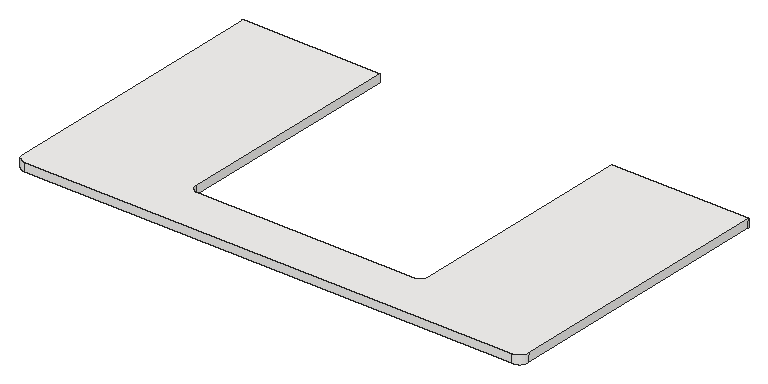
Revit family "console with cutout for countertop basin ground", category Furniture, Revit 2019
Family settings
  OmniClass Number = 23.19.31.17.11
  Work Plane-Based = No
  Always vertical = No
  Cut with Voids When Loaded = No
  Shared = Yes
  Room Calculation Point = No
Parameters (values of type "Console 980_550 with cutout in the middle for countertop basin ground 500_480-54095050-GLOSSY_WHITE-400")
  WEIGHT = "11"
  UNSPSC = "56 | Furniture and Furnishings"
  UNIFORMATII = "E2010 | Fixed Furnishings"
  UNICLASS2015 = "Pr_40_20_76_94 | Vanity units"
  SURFACE = "GLOSSY_WHITE"
  SPECIFICATION = "Surfaces:    - 54095050 High Gloss White  - 54095910 Diamond Matt Grey  - 54095230 Natural Oak  - 54095630 Dark Walnut      Specification:"
  REGIONSET = "Worldwide"
  PRODUCTURL = "https://pro.hansgrohe.com/articledetail--54095050"
  PRODUCTGROUP = "console"
  PRODUCTFAMILY = "Xelu Q"
  PERMALINK = "54095XXX"
  OMNICLASS = "23-19 31 17 11 | Bathroom Units"
  OBJECTTYPE = "Object (single object)"
  NN = "Console with cutout for countertop basin ground"
  NBSYN = "$BASENUMBER.-$ARTNR.-$SURFACE.-$LODLEVEL."
  NB = "Console 980/550 with cutout in the middle for countertop basin ground 500/480-54095050-GLOSSY_WHITE-400"
  NAME = "Xelu Q Console 980/550 with cutout in the middle for countertop basin ground 500/480"
  Model = "Console 980/550 with cutout in the middle for countertop basin ground 500/480-54095050-GLOSSY_WHITE-400"
  Manufacturer = "Hansgrohe"
  MIdent = "{$CADENAS_DATA/23d-libs/hansgrohe/xelu_furniture/console_with_cutout_for_countertop_basin_ground/console_with_cutout_for_countertop_basinground.prj},395 {VTYP=3D},{NB=Console 980/550 with cutout in the middle for countertop basin ground 500/480-54095050-GLOSSY_WHITE-400},{LINA=Console 980/550 with cutout in the middle for countertop basin ground 500/480-54095050-GLOSSY_WHITE-400},{NN=Console with cutout for countertop basin ground},{DATE=10.03.2023 08:11:51},{GEOMDATE=08.03.2023 13:28:53},{VERSION=},{LINEID=80},{WBVAR=LODLEVEL},{WBNUMERIC=}  {NB=Console 980/550 with cutout in the middle for countertop basin ground 500/480-54095050-GLOSSY_WHITE-400},{LINA=Console 980/550 with cutout in the middle for countertop basin ground 500/480-54095050-GLOSSY_WHITE-400},{KT=DUMMY},{IDNR=8},{ARTNR=54095050},{BASENUMBER=Console 980/550 with cutout in the middle for countertop basin ground 500/480},{MODEL=54095XXX},{SURFACE=GLOSSY_WHITE},{L=980},{LODLEVEL=400},{LODLEVELX='400','400','200','200'},{L1=450},{LL=490},{NAME=Xelu Q Console 980/550 with cutout in the middle for countertop basin ground 500/480},{PERMALINK=54095XXX},{OBJECTTYPE=Object (single object)},{BIMOBJECT=Sanitary: Compound units },{PRODUCTFAMILY=Xelu Q},{PRODUCTGROUP=console},{WEIGHT=11},{DESCRIPTION=Xelu Q Console 980/550 with cutout in the middle for countertop basin ground 500/480},{SPECIFICATION=Surfaces:    - 54095050 High Gloss White  - 54095910 Diamond Matt Grey  - 54095230 Natural Oak  - 54095630 Dark Walnut      Specification:},{PRODUCTURL=https://pro.hansgrohe.com/articledetail--54095050},{GTINCODE=4059625457092},{TENDERURL=},{IFC=Furnishing element},{ETIM=EC011381 | Bathroom furniture set},{UNICLASS2015=Pr_40_20_76_94 | Vanity units},{OMNICLASS=23-19 31 17 11 | Bathroom Units},{MASTERFORMAT=12 35 30.23 | Bathroom Casework},{UNSPSC=56 | Furniture and Furnishings},{UNIFORMATII=E2010 | Fixed Furnishings},{REGIONSET=Worldwide},{DESIGN=Germany},{MANUFACTURER=Germany}"
  MASTERFORMAT = "12 35 30.23 | Bathroom Casework"
  LODLEVEL = "400"
  LL = 490
  LINA = "Console 980/550 with cutout in the middle for countertop basin ground 500/480-54095050-GLOSSY_WHITE-400"
  L1 = 450
  L = 980
  IFC = "Furnishing element"
  IDNR = 8
  GTINCODE = "4059625457092"
  ETIM = "EC011381 | Bathroom furniture set"
  DESIGN = "Germany"
  Console 980_550 with cutout in the middle for countertop basin ground 600_480-54110910-DIAMOND_GREY-400_RX0RY0RZ0TX0TY0TZ0_V = no
  Console 980_550 with cutout in the middle for countertop basin ground 600_480-54110910-DIAMOND_GREY-200_RX0RY0RZ0TX0TY0TZ0_V = no
  Console 980_550 with cutout in the middle for countertop basin ground 600_480-54110630-DARK_WALNUT-400_RX0RY0RZ0TX0TY0TZ0_V = no
  Console 980_550 with cutout in the middle for countertop basin ground 600_480-54110630-DARK_WALNUT-200_RX0RY0RZ0TX0TY0TZ0_V = no
  Console 980_550 with cutout in the middle for countertop basin ground 600_480-54110230-NATURAL_OAK-400_RX0RY0RZ0TX0TY0TZ0_V = no
  Console 980_550 with cutout in the middle for countertop basin ground 600_480-54110230-NATURAL_OAK-200_RX0RY0RZ0TX0TY0TZ0_V = no
  Console 980_550 with cutout in the middle for countertop basin ground 600_480-54110050-GLOSSY_WHITE-400_RX0RY0RZ0TX0TY0TZ0_V = no
  Console 980_550 with cutout in the middle for countertop basin ground 600_480-54110050-GLOSSY_WHITE-200_RX0RY0RZ0TX0TY0TZ0_V = no
  Console 980_550 with cutout in the middle for countertop basin ground 500_480-54095910-DIAMOND_GREY-400_RX0RY0RZ0TX0TY0TZ0_V = no
  Console 980_550 with cutout in the middle for countertop basin ground 500_480-54095910-DIAMOND_GREY-200_RX0RY0RZ0TX0TY0TZ0_V = no
  Console 980_550 with cutout in the middle for countertop basin ground 500_480-54095630-DARK_WALNUT-400_RX0RY0RZ0TX0TY0TZ0_V = no
  Console 980_550 with cutout in the middle for countertop basin ground 500_480-54095630-DARK_WALNUT-200_RX0RY0RZ0TX0TY0TZ0_V = no
  Console 980_550 with cutout in the middle for countertop basin ground 500_480-54095230-NATURAL_OAK-400_RX0RY0RZ0TX0TY0TZ0_V = no
  Console 980_550 with cutout in the middle for countertop basin ground 500_480-54095230-NATURAL_OAK-200_RX0RY0RZ0TX0TY0TZ0_V = no
  Console 980_550 with cutout in the middle for countertop basin ground 500_480-54095050-GLOSSY_WHITE-400_RX0RY0RZ0TX0TY0TZ0_V = yes
  Console 980_550 with cutout in the middle for countertop basin ground 500_480-54095050-GLOSSY_WHITE-200_RX0RY0RZ0TX0TY0TZ0_V = no
  Console 780_550 with cutout in the middle for countertop basin ground 600_480-54109910-DIAMOND_GREY-400_RX0RY0RZ0TX0TY0TZ0_V = no
  Console 780_550 with cutout in the middle for countertop basin ground 600_480-54109910-DIAMOND_GREY-200_RX0RY0RZ0TX0TY0TZ0_V = no
  Console 780_550 with cutout in the middle for countertop basin ground 600_480-54109630-DARK_WALNUT-400_RX0RY0RZ0TX0TY0TZ0_V = no
  Console 780_550 with cutout in the middle for countertop basin ground 600_480-54109630-DARK_WALNUT-200_RX0RY0RZ0TX0TY0TZ0_V = no
  Console 780_550 with cutout in the middle for countertop basin ground 600_480-54109230-NATURAL_OAK-400_RX0RY0RZ0TX0TY0TZ0_V = no
  Console 780_550 with cutout in the middle for countertop basin ground 600_480-54109230-NATURAL_OAK-200_RX0RY0RZ0TX0TY0TZ0_V = no
  Console 780_550 with cutout in the middle for countertop basin ground 600_480-54109050-GLOSSY_WHITE-400_RX0RY0RZ0TX0TY0TZ0_V = no
  Console 780_550 with cutout in the middle for countertop basin ground 600_480-54109050-GLOSSY_WHITE-200_RX0RY0RZ0TX0TY0TZ0_V = no
  Console 780_550 with cutout in the middle for countertop basin ground 500_480-54094910-DIAMOND_GREY-400_RX0RY0RZ0TX0TY0TZ0_V = no
  Console 780_550 with cutout in the middle for countertop basin ground 500_480-54094910-DIAMOND_GREY-200_RX0RY0RZ0TX0TY0TZ0_V = no
  Console 780_550 with cutout in the middle for countertop basin ground 500_480-54094630-DARK_WALNUT-400_RX0RY0RZ0TX0TY0TZ0_V = no
  Console 780_550 with cutout in the middle for countertop basin ground 500_480-54094630-DARK_WALNUT-200_RX0RY0RZ0TX0TY0TZ0_V = no
  Console 780_550 with cutout in the middle for countertop basin ground 500_480-54094230-NATURAL_OAK-400_RX0RY0RZ0TX0TY0TZ0_V = no
  Console 780_550 with cutout in the middle for countertop basin ground 500_480-54094230-NATURAL_OAK-200_RX0RY0RZ0TX0TY0TZ0_V = no
  Console 780_550 with cutout in the middle for countertop basin ground 500_480-54094050-GLOSSY_WHITE-400_RX0RY0RZ0TX0TY0TZ0_V = no
  Console 780_550 with cutout in the middle for countertop basin ground 500_480-54094050-GLOSSY_WHITE-200_RX0RY0RZ0TX0TY0TZ0_V = no
  Console 1360_550 with cutout right for countertop basin ground 500_480-54098910-DIAMOND_GREY-400_RX0RY0RZ0TX0TY0TZ0_V = no
  Console 1360_550 with cutout right for countertop basin ground 500_480-54098910-DIAMOND_GREY-200_RX0RY0RZ0TX0TY0TZ0_V = no
  Console 1360_550 with cutout right for countertop basin ground 500_480-54098630-DARK_WALNUT-400_RX0RY0RZ0TX0TY0TZ0_V = no
  Console 1360_550 with cutout right for countertop basin ground 500_480-54098630-DARK_WALNUT-200_RX0RY0RZ0TX0TY0TZ0_V = no
  Console 1360_550 with cutout right for countertop basin ground 500_480-54098230-NATURAL_OAK-400_RX0RY0RZ0TX0TY0TZ0_V = no
  Console 1360_550 with cutout right for countertop basin ground 500_480-54098230-NATURAL_OAK-200_RX0RY0RZ0TX0TY0TZ0_V = no
  Console 1360_550 with cutout right for countertop basin ground 500_480-54098050-GLOSSY_WHITE-400_RX0RY0RZ0TX0TY0TZ0_V = no
  Console 1360_550 with cutout right for countertop basin ground 500_480-54098050-GLOSSY_WHITE-200_RX0RY0RZ0TX0TY0TZ0_V = no
  Console 1360_550 with cutout left for countertop basin ground 500_480-54097910-DIAMOND_GREY-400_RX0RY0RZ0TX0TY0TZ0_V = no
  Console 1360_550 with cutout left for countertop basin ground 500_480-54097910-DIAMOND_GREY-200_RX0RY0RZ0TX0TY0TZ0_V = no
  Console 1360_550 with cutout left for countertop basin ground 500_480-54097630-DARK_WALNUT-400_RX0RY0RZ0TX0TY0TZ0_V = no
  Console 1360_550 with cutout left for countertop basin ground 500_480-54097630-DARK_WALNUT-200_RX0RY0RZ0TX0TY0TZ0_V = no
  Console 1360_550 with cutout left for countertop basin ground 500_480-54097230-NATURAL_OAK-400_RX0RY0RZ0TX0TY0TZ0_V = no
  Console 1360_550 with cutout left for countertop basin ground 500_480-54097230-NATURAL_OAK-200_RX0RY0RZ0TX0TY0TZ0_V = no
  Console 1360_550 with cutout left for countertop basin ground 500_480-54097050-GLOSSY_WHITE-400_RX0RY0RZ0TX0TY0TZ0_V = no
  Console 1360_550 with cutout left for countertop basin ground 500_480-54097050-GLOSSY_WHITE-200_RX0RY0RZ0TX0TY0TZ0_V = no
  Console 1180_550 with cutout in the middle for countertop basin ground 600_480-54111910-DIAMOND_GREY-400_RX0RY0RZ0TX0TY0TZ0_V = no
  Console 1180_550 with cutout in the middle for countertop basin ground 600_480-54111910-DIAMOND_GREY-200_RX0RY0RZ0TX0TY0TZ0_V = no
  Console 1180_550 with cutout in the middle for countertop basin ground 600_480-54111630-DARK_WALNUT-400_RX0RY0RZ0TX0TY0TZ0_V = no
  Console 1180_550 with cutout in the middle for countertop basin ground 600_480-54111630-DARK_WALNUT-200_RX0RY0RZ0TX0TY0TZ0_V = no
  Console 1180_550 with cutout in the middle for countertop basin ground 600_480-54111230-NATURAL_OAK-400_RX0RY0RZ0TX0TY0TZ0_V = no
  Console 1180_550 with cutout in the middle for countertop basin ground 600_480-54111230-NATURAL_OAK-200_RX0RY0RZ0TX0TY0TZ0_V = no
  Console 1180_550 with cutout in the middle for countertop basin ground 600_480-54111050-GLOSSY_WHITE-400_RX0RY0RZ0TX0TY0TZ0_V = no
  Console 1180_550 with cutout in the middle for countertop basin ground 600_480-54111050-GLOSSY_WHITE-200_RX0RY0RZ0TX0TY0TZ0_V = no
  Console 1180_550 with cutout in the middle for countertop basin ground 500_480-54096910-DIAMOND_GREY-400_RX0RY0RZ0TX0TY0TZ0_V = no
  Console 1180_550 with cutout in the middle for countertop basin ground 500_480-54096910-DIAMOND_GREY-200_RX0RY0RZ0TX0TY0TZ0_V = no
  Console 1180_550 with cutout in the middle for countertop basin ground 500_480-54096630-DARK_WALNUT-400_RX0RY0RZ0TX0TY0TZ0_V = no
  Console 1180_550 with cutout in the middle for countertop basin ground 500_480-54096630-DARK_WALNUT-200_RX0RY0RZ0TX0TY0TZ0_V = no
  Console 1180_550 with cutout in the middle for countertop basin ground 500_480-54096230-NATURAL_OAK-400_RX0RY0RZ0TX0TY0TZ0_V = no
  Console 1180_550 with cutout in the middle for countertop basin ground 500_480-54096230-NATURAL_OAK-200_RX0RY0RZ0TX0TY0TZ0_V = no
  Console 1180_550 with cutout in the middle for countertop basin ground 500_480-54096050-GLOSSY_WHITE-400_RX0RY0RZ0TX0TY0TZ0_V = no
  Console 1180_550 with cutout in the middle for countertop basin ground 500_480-54096050-GLOSSY_WHITE-200_RX0RY0RZ0TX0TY0TZ0_V = no
  CATALOG = "Hansgrohe"
  BIMOBJECT = "Sanitary: Compound units "
  BASENUMBER = "Console 980/550 with cutout in the middle for countertop basin ground 500/480"
  ARTNR = "54095050"
Reference planes
  plane 1 "Center (Front/Back)": y = 0
  plane 2: z = 0
  plane 3 "Center (Left/Right)": x = 0
Dimensions and locks
  aligned and locked: level to plane 2
Nested families
  nested 1: "console 1180_550 with cutout in the middle for countertop basin ground 500_480-54096050-glossy_white-200_content" at (0, 0, 0), visible <- "Console 1180_550 with cutout in the middle for countertop basin ground 500_480-54096050-GLOSSY_WHITE-200_RX0RY0RZ0TX0TY0TZ0_V", ContentVisible <- "Console 1180_550 with cutout in the middle for countertop basin ground 500_480-54096050-GLOSSY_WHITE-200_RX0RY0RZ0TX0TY0TZ0_V", type ""
    with ContentVisible no
  nested 2: "console 1180_550 with cutout in the middle for countertop basin ground 500_480-54096050-glossy_white-400_content" at (0, 0, 0), visible <- "Console 1180_550 with cutout in the middle for countertop basin ground 500_480-54096050-GLOSSY_WHITE-400_RX0RY0RZ0TX0TY0TZ0_V", ContentVisible <- "Console 1180_550 with cutout in the middle for countertop basin ground 500_480-54096050-GLOSSY_WHITE-400_RX0RY0RZ0TX0TY0TZ0_V", type ""
    with ContentVisible no
  nested 3: "console 1180_550 with cutout in the middle for countertop basin ground 500_480-54096230-natural_oak-200_content" at (0, 0, 0), visible <- "Console 1180_550 with cutout in the middle for countertop basin ground 500_480-54096230-NATURAL_OAK-200_RX0RY0RZ0TX0TY0TZ0_V", ContentVisible <- "Console 1180_550 with cutout in the middle for countertop basin ground 500_480-54096230-NATURAL_OAK-200_RX0RY0RZ0TX0TY0TZ0_V", type ""
    with ContentVisible no
  nested 4: "console 1180_550 with cutout in the middle for countertop basin ground 500_480-54096230-natural_oak-400_content" at (0, 0, 0), visible <- "Console 1180_550 with cutout in the middle for countertop basin ground 500_480-54096230-NATURAL_OAK-400_RX0RY0RZ0TX0TY0TZ0_V", ContentVisible <- "Console 1180_550 with cutout in the middle for countertop basin ground 500_480-54096230-NATURAL_OAK-400_RX0RY0RZ0TX0TY0TZ0_V", type ""
    with ContentVisible no
  nested 5: "console 1180_550 with cutout in the middle for countertop basin ground 500_480-54096630-dark_walnut-200_content" at (0, 0, 0), visible <- "Console 1180_550 with cutout in the middle for countertop basin ground 500_480-54096630-DARK_WALNUT-200_RX0RY0RZ0TX0TY0TZ0_V", ContentVisible <- "Console 1180_550 with cutout in the middle for countertop basin ground 500_480-54096630-DARK_WALNUT-200_RX0RY0RZ0TX0TY0TZ0_V", type ""
    with ContentVisible no
  nested 6: "console 1180_550 with cutout in the middle for countertop basin ground 500_480-54096630-dark_walnut-400_content" at (0, 0, 0), visible <- "Console 1180_550 with cutout in the middle for countertop basin ground 500_480-54096630-DARK_WALNUT-400_RX0RY0RZ0TX0TY0TZ0_V", ContentVisible <- "Console 1180_550 with cutout in the middle for countertop basin ground 500_480-54096630-DARK_WALNUT-400_RX0RY0RZ0TX0TY0TZ0_V", type ""
    with ContentVisible no
  nested 7: "console 1180_550 with cutout in the middle for countertop basin ground 500_480-54096910-diamond_grey-200_content" at (0, 0, 0), visible <- "Console 1180_550 with cutout in the middle for countertop basin ground 500_480-54096910-DIAMOND_GREY-200_RX0RY0RZ0TX0TY0TZ0_V", ContentVisible <- "Console 1180_550 with cutout in the middle for countertop basin ground 500_480-54096910-DIAMOND_GREY-200_RX0RY0RZ0TX0TY0TZ0_V", type ""
    with ContentVisible no
  nested 8: "console 1180_550 with cutout in the middle for countertop basin ground 500_480-54096910-diamond_grey-400_content" at (0, 0, 0), visible <- "Console 1180_550 with cutout in the middle for countertop basin ground 500_480-54096910-DIAMOND_GREY-400_RX0RY0RZ0TX0TY0TZ0_V", ContentVisible <- "Console 1180_550 with cutout in the middle for countertop basin ground 500_480-54096910-DIAMOND_GREY-400_RX0RY0RZ0TX0TY0TZ0_V", type ""
    with ContentVisible no
  nested 9: "console 1180_550 with cutout in the middle for countertop basin ground 600_480-54111050-glossy_white-200_content" at (0, 0, 0), visible <- "Console 1180_550 with cutout in the middle for countertop basin ground 600_480-54111050-GLOSSY_WHITE-200_RX0RY0RZ0TX0TY0TZ0_V", ContentVisible <- "Console 1180_550 with cutout in the middle for countertop basin ground 600_480-54111050-GLOSSY_WHITE-200_RX0RY0RZ0TX0TY0TZ0_V", type ""
    with ContentVisible no
  nested 10: "console 1180_550 with cutout in the middle for countertop basin ground 600_480-54111050-glossy_white-400_content" at (0, 0, 0), visible <- "Console 1180_550 with cutout in the middle for countertop basin ground 600_480-54111050-GLOSSY_WHITE-400_RX0RY0RZ0TX0TY0TZ0_V", ContentVisible <- "Console 1180_550 with cutout in the middle for countertop basin ground 600_480-54111050-GLOSSY_WHITE-400_RX0RY0RZ0TX0TY0TZ0_V", type ""
    with ContentVisible no
  nested 11: "console 1180_550 with cutout in the middle for countertop basin ground 600_480-54111230-natural_oak-200_content" at (0, 0, 0), visible <- "Console 1180_550 with cutout in the middle for countertop basin ground 600_480-54111230-NATURAL_OAK-200_RX0RY0RZ0TX0TY0TZ0_V", ContentVisible <- "Console 1180_550 with cutout in the middle for countertop basin ground 600_480-54111230-NATURAL_OAK-200_RX0RY0RZ0TX0TY0TZ0_V", type ""
    with ContentVisible no
  nested 12: "console 1180_550 with cutout in the middle for countertop basin ground 600_480-54111230-natural_oak-400_content" at (0, 0, 0), visible <- "Console 1180_550 with cutout in the middle for countertop basin ground 600_480-54111230-NATURAL_OAK-400_RX0RY0RZ0TX0TY0TZ0_V", ContentVisible <- "Console 1180_550 with cutout in the middle for countertop basin ground 600_480-54111230-NATURAL_OAK-400_RX0RY0RZ0TX0TY0TZ0_V", type ""
    with ContentVisible no
  nested 13: "console 1180_550 with cutout in the middle for countertop basin ground 600_480-54111630-dark_walnut-200_content" at (0, 0, 0), visible <- "Console 1180_550 with cutout in the middle for countertop basin ground 600_480-54111630-DARK_WALNUT-200_RX0RY0RZ0TX0TY0TZ0_V", ContentVisible <- "Console 1180_550 with cutout in the middle for countertop basin ground 600_480-54111630-DARK_WALNUT-200_RX0RY0RZ0TX0TY0TZ0_V", type ""
    with ContentVisible no
  nested 14: "console 1180_550 with cutout in the middle for countertop basin ground 600_480-54111630-dark_walnut-400_content" at (0, 0, 0), visible <- "Console 1180_550 with cutout in the middle for countertop basin ground 600_480-54111630-DARK_WALNUT-400_RX0RY0RZ0TX0TY0TZ0_V", ContentVisible <- "Console 1180_550 with cutout in the middle for countertop basin ground 600_480-54111630-DARK_WALNUT-400_RX0RY0RZ0TX0TY0TZ0_V", type ""
    with ContentVisible no
  nested 15: "console 1180_550 with cutout in the middle for countertop basin ground 600_480-54111910-diamond_grey-200_content" at (0, 0, 0), visible <- "Console 1180_550 with cutout in the middle for countertop basin ground 600_480-54111910-DIAMOND_GREY-200_RX0RY0RZ0TX0TY0TZ0_V", ContentVisible <- "Console 1180_550 with cutout in the middle for countertop basin ground 600_480-54111910-DIAMOND_GREY-200_RX0RY0RZ0TX0TY0TZ0_V", type ""
    with ContentVisible no
  nested 16: "console 1180_550 with cutout in the middle for countertop basin ground 600_480-54111910-diamond_grey-400_content" at (0, 0, 0), visible <- "Console 1180_550 with cutout in the middle for countertop basin ground 600_480-54111910-DIAMOND_GREY-400_RX0RY0RZ0TX0TY0TZ0_V", ContentVisible <- "Console 1180_550 with cutout in the middle for countertop basin ground 600_480-54111910-DIAMOND_GREY-400_RX0RY0RZ0TX0TY0TZ0_V", type ""
    with ContentVisible no
  nested 17: "console 1360_550 with cutout left for countertop basin ground 500_480-54097050-glossy_white-200_content" at (0, 0, 0), visible <- "Console 1360_550 with cutout left for countertop basin ground 500_480-54097050-GLOSSY_WHITE-200_RX0RY0RZ0TX0TY0TZ0_V", ContentVisible <- "Console 1360_550 with cutout left for countertop basin ground 500_480-54097050-GLOSSY_WHITE-200_RX0RY0RZ0TX0TY0TZ0_V", type ""
    with ContentVisible no
  nested 18: "console 1360_550 with cutout left for countertop basin ground 500_480-54097050-glossy_white-400_content" at (0, 0, 0), visible <- "Console 1360_550 with cutout left for countertop basin ground 500_480-54097050-GLOSSY_WHITE-400_RX0RY0RZ0TX0TY0TZ0_V", ContentVisible <- "Console 1360_550 with cutout left for countertop basin ground 500_480-54097050-GLOSSY_WHITE-400_RX0RY0RZ0TX0TY0TZ0_V", type ""
    with ContentVisible no
  nested 19: "console 1360_550 with cutout left for countertop basin ground 500_480-54097230-natural_oak-200_content" at (0, 0, 0), visible <- "Console 1360_550 with cutout left for countertop basin ground 500_480-54097230-NATURAL_OAK-200_RX0RY0RZ0TX0TY0TZ0_V", ContentVisible <- "Console 1360_550 with cutout left for countertop basin ground 500_480-54097230-NATURAL_OAK-200_RX0RY0RZ0TX0TY0TZ0_V", type ""
    with ContentVisible no
  nested 20: "console 1360_550 with cutout left for countertop basin ground 500_480-54097230-natural_oak-400_content" at (0, 0, 0), visible <- "Console 1360_550 with cutout left for countertop basin ground 500_480-54097230-NATURAL_OAK-400_RX0RY0RZ0TX0TY0TZ0_V", ContentVisible <- "Console 1360_550 with cutout left for countertop basin ground 500_480-54097230-NATURAL_OAK-400_RX0RY0RZ0TX0TY0TZ0_V", type ""
    with ContentVisible no
  nested 21: "console 1360_550 with cutout left for countertop basin ground 500_480-54097630-dark_walnut-200_content" at (0, 0, 0), visible <- "Console 1360_550 with cutout left for countertop basin ground 500_480-54097630-DARK_WALNUT-200_RX0RY0RZ0TX0TY0TZ0_V", ContentVisible <- "Console 1360_550 with cutout left for countertop basin ground 500_480-54097630-DARK_WALNUT-200_RX0RY0RZ0TX0TY0TZ0_V", type ""
    with ContentVisible no
  nested 22: "console 1360_550 with cutout left for countertop basin ground 500_480-54097630-dark_walnut-400_content" at (0, 0, 0), visible <- "Console 1360_550 with cutout left for countertop basin ground 500_480-54097630-DARK_WALNUT-400_RX0RY0RZ0TX0TY0TZ0_V", ContentVisible <- "Console 1360_550 with cutout left for countertop basin ground 500_480-54097630-DARK_WALNUT-400_RX0RY0RZ0TX0TY0TZ0_V", type ""
    with ContentVisible no
  nested 23: "console 1360_550 with cutout left for countertop basin ground 500_480-54097910-diamond_grey-200_content" at (0, 0, 0), visible <- "Console 1360_550 with cutout left for countertop basin ground 500_480-54097910-DIAMOND_GREY-200_RX0RY0RZ0TX0TY0TZ0_V", ContentVisible <- "Console 1360_550 with cutout left for countertop basin ground 500_480-54097910-DIAMOND_GREY-200_RX0RY0RZ0TX0TY0TZ0_V", type ""
    with ContentVisible no
  nested 24: "console 1360_550 with cutout left for countertop basin ground 500_480-54097910-diamond_grey-400_content" at (0, 0, 0), visible <- "Console 1360_550 with cutout left for countertop basin ground 500_480-54097910-DIAMOND_GREY-400_RX0RY0RZ0TX0TY0TZ0_V", ContentVisible <- "Console 1360_550 with cutout left for countertop basin ground 500_480-54097910-DIAMOND_GREY-400_RX0RY0RZ0TX0TY0TZ0_V", type ""
    with ContentVisible no
  nested 25: "console 1360_550 with cutout right for countertop basin ground 500_480-54098050-glossy_white-200_content" at (0, 0, 0), visible <- "Console 1360_550 with cutout right for countertop basin ground 500_480-54098050-GLOSSY_WHITE-200_RX0RY0RZ0TX0TY0TZ0_V", ContentVisible <- "Console 1360_550 with cutout right for countertop basin ground 500_480-54098050-GLOSSY_WHITE-200_RX0RY0RZ0TX0TY0TZ0_V", type ""
    with ContentVisible no
  nested 26: "console 1360_550 with cutout right for countertop basin ground 500_480-54098050-glossy_white-400_content" at (0, 0, 0), visible <- "Console 1360_550 with cutout right for countertop basin ground 500_480-54098050-GLOSSY_WHITE-400_RX0RY0RZ0TX0TY0TZ0_V", ContentVisible <- "Console 1360_550 with cutout right for countertop basin ground 500_480-54098050-GLOSSY_WHITE-400_RX0RY0RZ0TX0TY0TZ0_V", type ""
    with ContentVisible no
  nested 27: "console 1360_550 with cutout right for countertop basin ground 500_480-54098230-natural_oak-200_content" at (0, 0, 0), visible <- "Console 1360_550 with cutout right for countertop basin ground 500_480-54098230-NATURAL_OAK-200_RX0RY0RZ0TX0TY0TZ0_V", ContentVisible <- "Console 1360_550 with cutout right for countertop basin ground 500_480-54098230-NATURAL_OAK-200_RX0RY0RZ0TX0TY0TZ0_V", type ""
    with ContentVisible no
  nested 28: "console 1360_550 with cutout right for countertop basin ground 500_480-54098230-natural_oak-400_content" at (0, 0, 0), visible <- "Console 1360_550 with cutout right for countertop basin ground 500_480-54098230-NATURAL_OAK-400_RX0RY0RZ0TX0TY0TZ0_V", ContentVisible <- "Console 1360_550 with cutout right for countertop basin ground 500_480-54098230-NATURAL_OAK-400_RX0RY0RZ0TX0TY0TZ0_V", type ""
    with ContentVisible no
  nested 29: "console 1360_550 with cutout right for countertop basin ground 500_480-54098630-dark_walnut-200_content" at (0, 0, 0), visible <- "Console 1360_550 with cutout right for countertop basin ground 500_480-54098630-DARK_WALNUT-200_RX0RY0RZ0TX0TY0TZ0_V", ContentVisible <- "Console 1360_550 with cutout right for countertop basin ground 500_480-54098630-DARK_WALNUT-200_RX0RY0RZ0TX0TY0TZ0_V", type ""
    with ContentVisible no
  nested 30: "console 1360_550 with cutout right for countertop basin ground 500_480-54098630-dark_walnut-400_content" at (0, 0, 0), visible <- "Console 1360_550 with cutout right for countertop basin ground 500_480-54098630-DARK_WALNUT-400_RX0RY0RZ0TX0TY0TZ0_V", ContentVisible <- "Console 1360_550 with cutout right for countertop basin ground 500_480-54098630-DARK_WALNUT-400_RX0RY0RZ0TX0TY0TZ0_V", type ""
    with ContentVisible no
  nested 31: "console 1360_550 with cutout right for countertop basin ground 500_480-54098910-diamond_grey-200_content" at (0, 0, 0), visible <- "Console 1360_550 with cutout right for countertop basin ground 500_480-54098910-DIAMOND_GREY-200_RX0RY0RZ0TX0TY0TZ0_V", ContentVisible <- "Console 1360_550 with cutout right for countertop basin ground 500_480-54098910-DIAMOND_GREY-200_RX0RY0RZ0TX0TY0TZ0_V", type ""
    with ContentVisible no
  nested 32: "console 1360_550 with cutout right for countertop basin ground 500_480-54098910-diamond_grey-400_content" at (0, 0, 0), visible <- "Console 1360_550 with cutout right for countertop basin ground 500_480-54098910-DIAMOND_GREY-400_RX0RY0RZ0TX0TY0TZ0_V", ContentVisible <- "Console 1360_550 with cutout right for countertop basin ground 500_480-54098910-DIAMOND_GREY-400_RX0RY0RZ0TX0TY0TZ0_V", type ""
    with ContentVisible no
  nested 33: "console 780_550 with cutout in the middle for countertop basin ground 500_480-54094050-glossy_white-200_content" at (0, 0, 0), visible <- "Console 780_550 with cutout in the middle for countertop basin ground 500_480-54094050-GLOSSY_WHITE-200_RX0RY0RZ0TX0TY0TZ0_V", ContentVisible <- "Console 780_550 with cutout in the middle for countertop basin ground 500_480-54094050-GLOSSY_WHITE-200_RX0RY0RZ0TX0TY0TZ0_V", type ""
    with ContentVisible no
  nested 34: "console 780_550 with cutout in the middle for countertop basin ground 500_480-54094050-glossy_white-400_content" at (0, 0, 0), visible <- "Console 780_550 with cutout in the middle for countertop basin ground 500_480-54094050-GLOSSY_WHITE-400_RX0RY0RZ0TX0TY0TZ0_V", ContentVisible <- "Console 780_550 with cutout in the middle for countertop basin ground 500_480-54094050-GLOSSY_WHITE-400_RX0RY0RZ0TX0TY0TZ0_V", type ""
    with ContentVisible no
  nested 35: "console 780_550 with cutout in the middle for countertop basin ground 500_480-54094230-natural_oak-200_content" at (0, 0, 0), visible <- "Console 780_550 with cutout in the middle for countertop basin ground 500_480-54094230-NATURAL_OAK-200_RX0RY0RZ0TX0TY0TZ0_V", ContentVisible <- "Console 780_550 with cutout in the middle for countertop basin ground 500_480-54094230-NATURAL_OAK-200_RX0RY0RZ0TX0TY0TZ0_V", type ""
    with ContentVisible no
  nested 36: "console 780_550 with cutout in the middle for countertop basin ground 500_480-54094230-natural_oak-400_content" at (0, 0, 0), visible <- "Console 780_550 with cutout in the middle for countertop basin ground 500_480-54094230-NATURAL_OAK-400_RX0RY0RZ0TX0TY0TZ0_V", ContentVisible <- "Console 780_550 with cutout in the middle for countertop basin ground 500_480-54094230-NATURAL_OAK-400_RX0RY0RZ0TX0TY0TZ0_V", type ""
    with ContentVisible no
  nested 37: "console 780_550 with cutout in the middle for countertop basin ground 500_480-54094630-dark_walnut-200_content" at (0, 0, 0), visible <- "Console 780_550 with cutout in the middle for countertop basin ground 500_480-54094630-DARK_WALNUT-200_RX0RY0RZ0TX0TY0TZ0_V", ContentVisible <- "Console 780_550 with cutout in the middle for countertop basin ground 500_480-54094630-DARK_WALNUT-200_RX0RY0RZ0TX0TY0TZ0_V", type ""
    with ContentVisible no
  nested 38: "console 780_550 with cutout in the middle for countertop basin ground 500_480-54094630-dark_walnut-400_content" at (0, 0, 0), visible <- "Console 780_550 with cutout in the middle for countertop basin ground 500_480-54094630-DARK_WALNUT-400_RX0RY0RZ0TX0TY0TZ0_V", ContentVisible <- "Console 780_550 with cutout in the middle for countertop basin ground 500_480-54094630-DARK_WALNUT-400_RX0RY0RZ0TX0TY0TZ0_V", type ""
    with ContentVisible no
  nested 39: "console 780_550 with cutout in the middle for countertop basin ground 500_480-54094910-diamond_grey-200_content" at (0, 0, 0), visible <- "Console 780_550 with cutout in the middle for countertop basin ground 500_480-54094910-DIAMOND_GREY-200_RX0RY0RZ0TX0TY0TZ0_V", ContentVisible <- "Console 780_550 with cutout in the middle for countertop basin ground 500_480-54094910-DIAMOND_GREY-200_RX0RY0RZ0TX0TY0TZ0_V", type ""
    with ContentVisible no
  nested 40: "console 780_550 with cutout in the middle for countertop basin ground 500_480-54094910-diamond_grey-400_content" at (0, 0, 0), visible <- "Console 780_550 with cutout in the middle for countertop basin ground 500_480-54094910-DIAMOND_GREY-400_RX0RY0RZ0TX0TY0TZ0_V", ContentVisible <- "Console 780_550 with cutout in the middle for countertop basin ground 500_480-54094910-DIAMOND_GREY-400_RX0RY0RZ0TX0TY0TZ0_V", type ""
    with ContentVisible no
  nested 41: "console 780_550 with cutout in the middle for countertop basin ground 600_480-54109050-glossy_white-200_content" at (0, 0, 0), visible <- "Console 780_550 with cutout in the middle for countertop basin ground 600_480-54109050-GLOSSY_WHITE-200_RX0RY0RZ0TX0TY0TZ0_V", ContentVisible <- "Console 780_550 with cutout in the middle for countertop basin ground 600_480-54109050-GLOSSY_WHITE-200_RX0RY0RZ0TX0TY0TZ0_V", type ""
    with ContentVisible no
  nested 42: "console 780_550 with cutout in the middle for countertop basin ground 600_480-54109050-glossy_white-400_content" at (0, 0, 0), visible <- "Console 780_550 with cutout in the middle for countertop basin ground 600_480-54109050-GLOSSY_WHITE-400_RX0RY0RZ0TX0TY0TZ0_V", ContentVisible <- "Console 780_550 with cutout in the middle for countertop basin ground 600_480-54109050-GLOSSY_WHITE-400_RX0RY0RZ0TX0TY0TZ0_V", type ""
    with ContentVisible no
  nested 43: "console 780_550 with cutout in the middle for countertop basin ground 600_480-54109230-natural_oak-200_content" at (0, 0, 0), visible <- "Console 780_550 with cutout in the middle for countertop basin ground 600_480-54109230-NATURAL_OAK-200_RX0RY0RZ0TX0TY0TZ0_V", ContentVisible <- "Console 780_550 with cutout in the middle for countertop basin ground 600_480-54109230-NATURAL_OAK-200_RX0RY0RZ0TX0TY0TZ0_V", type ""
    with ContentVisible no
  nested 44: "console 780_550 with cutout in the middle for countertop basin ground 600_480-54109230-natural_oak-400_content" at (0, 0, 0), visible <- "Console 780_550 with cutout in the middle for countertop basin ground 600_480-54109230-NATURAL_OAK-400_RX0RY0RZ0TX0TY0TZ0_V", ContentVisible <- "Console 780_550 with cutout in the middle for countertop basin ground 600_480-54109230-NATURAL_OAK-400_RX0RY0RZ0TX0TY0TZ0_V", type ""
    with ContentVisible no
  nested 45: "console 780_550 with cutout in the middle for countertop basin ground 600_480-54109630-dark_walnut-200_content" at (0, 0, 0), visible <- "Console 780_550 with cutout in the middle for countertop basin ground 600_480-54109630-DARK_WALNUT-200_RX0RY0RZ0TX0TY0TZ0_V", ContentVisible <- "Console 780_550 with cutout in the middle for countertop basin ground 600_480-54109630-DARK_WALNUT-200_RX0RY0RZ0TX0TY0TZ0_V", type ""
    with ContentVisible no
  nested 46: "console 780_550 with cutout in the middle for countertop basin ground 600_480-54109630-dark_walnut-400_content" at (0, 0, 0), visible <- "Console 780_550 with cutout in the middle for countertop basin ground 600_480-54109630-DARK_WALNUT-400_RX0RY0RZ0TX0TY0TZ0_V", ContentVisible <- "Console 780_550 with cutout in the middle for countertop basin ground 600_480-54109630-DARK_WALNUT-400_RX0RY0RZ0TX0TY0TZ0_V", type ""
    with ContentVisible no
  nested 47: "console 780_550 with cutout in the middle for countertop basin ground 600_480-54109910-diamond_grey-200_content" at (0, 0, 0), visible <- "Console 780_550 with cutout in the middle for countertop basin ground 600_480-54109910-DIAMOND_GREY-200_RX0RY0RZ0TX0TY0TZ0_V", ContentVisible <- "Console 780_550 with cutout in the middle for countertop basin ground 600_480-54109910-DIAMOND_GREY-200_RX0RY0RZ0TX0TY0TZ0_V", type ""
    with ContentVisible no
  nested 48: "console 780_550 with cutout in the middle for countertop basin ground 600_480-54109910-diamond_grey-400_content" at (0, 0, 0), visible <- "Console 780_550 with cutout in the middle for countertop basin ground 600_480-54109910-DIAMOND_GREY-400_RX0RY0RZ0TX0TY0TZ0_V", ContentVisible <- "Console 780_550 with cutout in the middle for countertop basin ground 600_480-54109910-DIAMOND_GREY-400_RX0RY0RZ0TX0TY0TZ0_V", type ""
    with ContentVisible no
  nested 49: "console 980_550 with cutout in the middle for countertop basin ground 500_480-54095050-glossy_white-200_content" at (0, 0, 0), visible <- "Console 980_550 with cutout in the middle for countertop basin ground 500_480-54095050-GLOSSY_WHITE-200_RX0RY0RZ0TX0TY0TZ0_V", ContentVisible <- "Console 980_550 with cutout in the middle for countertop basin ground 500_480-54095050-GLOSSY_WHITE-200_RX0RY0RZ0TX0TY0TZ0_V", type ""
    with ContentVisible no
  nested 50: "console 980_550 with cutout in the middle for countertop basin ground 500_480-54095050-glossy_white-400_content" at (0, 0, 0), visible <- "Console 980_550 with cutout in the middle for countertop basin ground 500_480-54095050-GLOSSY_WHITE-400_RX0RY0RZ0TX0TY0TZ0_V", ContentVisible <- "Console 980_550 with cutout in the middle for countertop basin ground 500_480-54095050-GLOSSY_WHITE-400_RX0RY0RZ0TX0TY0TZ0_V", type "Console 980_550 with cutout in the middle for countertop basin ground 500_480-54095050-GLOSSY_WHITE-400_Content"
    with ContentVisible yes
  nested 51: "console 980_550 with cutout in the middle for countertop basin ground 500_480-54095230-natural_oak-200_content" at (0, 0, 0), visible <- "Console 980_550 with cutout in the middle for countertop basin ground 500_480-54095230-NATURAL_OAK-200_RX0RY0RZ0TX0TY0TZ0_V", ContentVisible <- "Console 980_550 with cutout in the middle for countertop basin ground 500_480-54095230-NATURAL_OAK-200_RX0RY0RZ0TX0TY0TZ0_V", type ""
    with ContentVisible no
  nested 52: "console 980_550 with cutout in the middle for countertop basin ground 500_480-54095230-natural_oak-400_content" at (0, 0, 0), visible <- "Console 980_550 with cutout in the middle for countertop basin ground 500_480-54095230-NATURAL_OAK-400_RX0RY0RZ0TX0TY0TZ0_V", ContentVisible <- "Console 980_550 with cutout in the middle for countertop basin ground 500_480-54095230-NATURAL_OAK-400_RX0RY0RZ0TX0TY0TZ0_V", type ""
    with ContentVisible no
  nested 53: "console 980_550 with cutout in the middle for countertop basin ground 500_480-54095630-dark_walnut-200_content" at (0, 0, 0), visible <- "Console 980_550 with cutout in the middle for countertop basin ground 500_480-54095630-DARK_WALNUT-200_RX0RY0RZ0TX0TY0TZ0_V", ContentVisible <- "Console 980_550 with cutout in the middle for countertop basin ground 500_480-54095630-DARK_WALNUT-200_RX0RY0RZ0TX0TY0TZ0_V", type ""
    with ContentVisible no
  nested 54: "console 980_550 with cutout in the middle for countertop basin ground 500_480-54095630-dark_walnut-400_content" at (0, 0, 0), visible <- "Console 980_550 with cutout in the middle for countertop basin ground 500_480-54095630-DARK_WALNUT-400_RX0RY0RZ0TX0TY0TZ0_V", ContentVisible <- "Console 980_550 with cutout in the middle for countertop basin ground 500_480-54095630-DARK_WALNUT-400_RX0RY0RZ0TX0TY0TZ0_V", type ""
    with ContentVisible no
  nested 55: "console 980_550 with cutout in the middle for countertop basin ground 500_480-54095910-diamond_grey-200_content" at (0, 0, 0), visible <- "Console 980_550 with cutout in the middle for countertop basin ground 500_480-54095910-DIAMOND_GREY-200_RX0RY0RZ0TX0TY0TZ0_V", ContentVisible <- "Console 980_550 with cutout in the middle for countertop basin ground 500_480-54095910-DIAMOND_GREY-200_RX0RY0RZ0TX0TY0TZ0_V", type ""
    with ContentVisible no
  nested 56: "console 980_550 with cutout in the middle for countertop basin ground 500_480-54095910-diamond_grey-400_content" at (0, 0, 0), visible <- "Console 980_550 with cutout in the middle for countertop basin ground 500_480-54095910-DIAMOND_GREY-400_RX0RY0RZ0TX0TY0TZ0_V", ContentVisible <- "Console 980_550 with cutout in the middle for countertop basin ground 500_480-54095910-DIAMOND_GREY-400_RX0RY0RZ0TX0TY0TZ0_V", type ""
    with ContentVisible no
  nested 57: "console 980_550 with cutout in the middle for countertop basin ground 600_480-54110050-glossy_white-200_content" at (0, 0, 0), visible <- "Console 980_550 with cutout in the middle for countertop basin ground 600_480-54110050-GLOSSY_WHITE-200_RX0RY0RZ0TX0TY0TZ0_V", ContentVisible <- "Console 980_550 with cutout in the middle for countertop basin ground 600_480-54110050-GLOSSY_WHITE-200_RX0RY0RZ0TX0TY0TZ0_V", type ""
    with ContentVisible no
  nested 58: "console 980_550 with cutout in the middle for countertop basin ground 600_480-54110050-glossy_white-400_content" at (0, 0, 0), visible <- "Console 980_550 with cutout in the middle for countertop basin ground 600_480-54110050-GLOSSY_WHITE-400_RX0RY0RZ0TX0TY0TZ0_V", ContentVisible <- "Console 980_550 with cutout in the middle for countertop basin ground 600_480-54110050-GLOSSY_WHITE-400_RX0RY0RZ0TX0TY0TZ0_V", type ""
    with ContentVisible no
  nested 59: "console 980_550 with cutout in the middle for countertop basin ground 600_480-54110230-natural_oak-200_content" at (0, 0, 0), visible <- "Console 980_550 with cutout in the middle for countertop basin ground 600_480-54110230-NATURAL_OAK-200_RX0RY0RZ0TX0TY0TZ0_V", ContentVisible <- "Console 980_550 with cutout in the middle for countertop basin ground 600_480-54110230-NATURAL_OAK-200_RX0RY0RZ0TX0TY0TZ0_V", type ""
    with ContentVisible no
  nested 60: "console 980_550 with cutout in the middle for countertop basin ground 600_480-54110230-natural_oak-400_content" at (0, 0, 0), visible <- "Console 980_550 with cutout in the middle for countertop basin ground 600_480-54110230-NATURAL_OAK-400_RX0RY0RZ0TX0TY0TZ0_V", ContentVisible <- "Console 980_550 with cutout in the middle for countertop basin ground 600_480-54110230-NATURAL_OAK-400_RX0RY0RZ0TX0TY0TZ0_V", type ""
    with ContentVisible no
  nested 61: "console 980_550 with cutout in the middle for countertop basin ground 600_480-54110630-dark_walnut-200_content" at (0, 0, 0), visible <- "Console 980_550 with cutout in the middle for countertop basin ground 600_480-54110630-DARK_WALNUT-200_RX0RY0RZ0TX0TY0TZ0_V", ContentVisible <- "Console 980_550 with cutout in the middle for countertop basin ground 600_480-54110630-DARK_WALNUT-200_RX0RY0RZ0TX0TY0TZ0_V", type ""
    with ContentVisible no
  nested 62: "console 980_550 with cutout in the middle for countertop basin ground 600_480-54110630-dark_walnut-400_content" at (0, 0, 0), visible <- "Console 980_550 with cutout in the middle for countertop basin ground 600_480-54110630-DARK_WALNUT-400_RX0RY0RZ0TX0TY0TZ0_V", ContentVisible <- "Console 980_550 with cutout in the middle for countertop basin ground 600_480-54110630-DARK_WALNUT-400_RX0RY0RZ0TX0TY0TZ0_V", type ""
    with ContentVisible no
  nested 63: "console 980_550 with cutout in the middle for countertop basin ground 600_480-54110910-diamond_grey-200_content" at (0, 0, 0), visible <- "Console 980_550 with cutout in the middle for countertop basin ground 600_480-54110910-DIAMOND_GREY-200_RX0RY0RZ0TX0TY0TZ0_V", ContentVisible <- "Console 980_550 with cutout in the middle for countertop basin ground 600_480-54110910-DIAMOND_GREY-200_RX0RY0RZ0TX0TY0TZ0_V", type ""
    with ContentVisible no
  nested 64: "console 980_550 with cutout in the middle for countertop basin ground 600_480-54110910-diamond_grey-400_content" at (0, 0, 0), visible <- "Console 980_550 with cutout in the middle for countertop basin ground 600_480-54110910-DIAMOND_GREY-400_RX0RY0RZ0TX0TY0TZ0_V", ContentVisible <- "Console 980_550 with cutout in the middle for countertop basin ground 600_480-54110910-DIAMOND_GREY-400_RX0RY0RZ0TX0TY0TZ0_V", type ""
    with ContentVisible no
Definition of nested family "console 980_550 with cutout in the middle for countertop basin ground 500_480-54095050-glossy_white-400_content"
  Parameters (values of type "Console 980_550 with cutout in the middle for countertop basin ground 500_480-54095050-GLOSSY_WHITE-400_Content")
    WEIGHT = "11"
    UNSPSC = "56 | Furniture and Furnishings"
    UNIFORMATII = "E2010 | Fixed Furnishings"
    UNICLASS2015 = "Pr_40_20_76_94 | Vanity units"
    SURFACE = "GLOSSY_WHITE"
    SPECIFICATION = "Surfaces:    - 54095050 High Gloss White  - 54095910 Diamond Matt Grey  - 54095230 Natural Oak  - 54095630 Dark Walnut      Specification:"
    REGIONSET = "Worldwide"
    PRODUCTURL = "https://pro.hansgrohe.com/articledetail--54095050"
    PRODUCTGROUP = "console"
    PRODUCTFAMILY = "Xelu Q"
    PERMALINK = "54095XXX"
    OMNICLASS = "23-19 31 17 11 | Bathroom Units"
    OBJECTTYPE = "Object (single object)"
    NN = "Console with cutout for countertop basin ground"
    NBSYN = "$BASENUMBER.-$ARTNR.-$SURFACE.-$LODLEVEL."
    NB = "Console 980/550 with cutout in the middle for countertop basin ground 500/480-54095050-GLOSSY_WHITE-400"
    NAME = "Xelu Q Console 980/550 with cutout in the middle for countertop basin ground 500/480"
    Model = "Console 980/550 with cutout in the middle for countertop basin ground 500/480-54095050-GLOSSY_WHITE-400"
    Manufacturer = "Hansgrohe"
    MASTERFORMAT = "12 35 30.23 | Bathroom Casework"
    LODLEVEL = "400"
    LL = 490
    LINA = "Console 980/550 with cutout in the middle for countertop basin ground 500/480-54095050-GLOSSY_WHITE-400"
    L1 = 450
    L = 980
    IFC = "Furnishing element"
    IDNR = 8
    GTINCODE = "4059625457092"
    ETIM = "EC011381 | Bathroom furniture set"
    Default Elevation = 1219.2 mm
    DESIGN = "Germany"
    ContentVisible [instance] = yes
    CATALOG = "Hansgrohe"
    BIMOBJECT = "Sanitary: Compound units "
    BASENUMBER = "Console 980/550 with cutout in the middle for countertop basin ground 500/480"
    ARTNR = "54095050"
  Reference planes
    plane 1 "Center (Front/Back)": y = 0
    plane 2: z = 0
    plane 3 "Center (Left/Right)": x = 0
  Forms (mm)
    Extrusion 1, solid, visible <- "ContentVisible", detail levels medium+fine
      sketch origin (0, 0, 0) x (1, 0, 0) y (0, 1, 0)
        loop
          line (-490, -1.5) -> (-490, -532)
          arc (-490, -532) -> (-484.728, -544.728) -> (-472, -550) r 18
          line (-472, -550) -> (472, -550)
          arc (472, -550) -> (484.728, -544.728) -> (490, -532) r 18
          line (490, -532) -> (490, -1.5)
          arc (490, -1.5) -> (489.561, -0.439) -> (488.5, 0) r 1.5
          line (488.5, 0) -> (225, 0) -> (225, -444)
          arc (225, -444) -> (220.314, -455.314) -> (209, -460) r 16
          line (209, -460) -> (-209, -460)
          arc (-209, -460) -> (-220.314, -455.314) -> (-225, -444) r 16
          line (-225, -444) -> (-225, 0) -> (-488.5, 0)
          arc (-488.5, 0) -> (-489.561, -0.439) -> (-490, -1.5) r 1.5
      from 0 to 16
    Extrusion 2, solid, visible <- "ContentVisible", detail levels coarse
      sketch origin (0, -275, 0) x (1, 0, 0) y (0, 1, 0)
        loop
          line (-490, -275) -> (490, -275) -> (490, 275) -> (-490, 275) -> (-490, -275)
      from 0 to 16
  Dimensions and locks
    aligned and locked: level to plane 2
Definition of nested family "console 1180_550 with cutout in the middle for countertop basin ground 500_480-54096050-glossy_white-200_content"
  Parameters (values of type "Console 1180_550 with cutout in the middle for countertop basin ground 500_480-54096050-GLOSSY_WHITE-200_Content")
    WEIGHT = "12.3"
    UNSPSC = "56 | Furniture and Furnishings"
    UNIFORMATII = "E2010 | Fixed Furnishings"
    UNICLASS2015 = "Pr_40_20_76_94 | Vanity units"
    SURFACE = "GLOSSY_WHITE"
    SPECIFICATION = "Surfaces:    - 54096050 High Gloss White  - 54096910 Diamond Matt Grey  - 54096230 Natural Oak  - 54096630 Dark Walnut      Specification:"
    REGIONSET = "Worldwide"
    PRODUCTURL = "https://pro.hansgrohe.com/articledetail--54096050"
    PRODUCTGROUP = "console"
    PRODUCTFAMILY = "Xelu Q"
    PERMALINK = "54096XXX"
    OMNICLASS = "23-19 31 17 11 | Bathroom Units"
    OBJECTTYPE = "Object (single object)"
    NN = "Console with cutout for countertop basin ground"
    NBSYN = "$BASENUMBER.-$ARTNR.-$SURFACE.-$LODLEVEL."
    NB = "Console 1180/550 with cutout in the middle for countertop basin ground 500/480-54096050-GLOSSY_WHITE-200"
    NAME = "Xelu Q Console 1180/550 with cutout in the middle for countertop basin ground 500/480"
    Model = "Console 1180/550 with cutout in the middle for countertop basin ground 500/480-54096050-GLOSSY_WHITE-200"
    Manufacturer = "Hansgrohe"
    MASTERFORMAT = "12 35 30.23 | Bathroom Casework"
    LODLEVEL = "200"
    LL = 590
    LINA = "Console 1180/550 with cutout in the middle for countertop basin ground 500/480-54096050-GLOSSY_WHITE-200"
    L1 = 450
    L = 1180
    IFC = "Furnishing element"
    IDNR = 9
    GTINCODE = "4059625457054"
    ETIM = "EC011381 | Bathroom furniture set"
    Default Elevation = 1219.2 mm
    DESIGN = "Germany"
    ContentVisible [instance] = yes
    CATALOG = "Hansgrohe"
    BIMOBJECT = "Sanitary: Compound units "
    BASENUMBER = "Console 1180/550 with cutout in the middle for countertop basin ground 500/480"
    ARTNR = "54096050"
  Reference planes
    plane 1 "Center (Front/Back)": y = 0
    plane 2: z = 0
    plane 3 "Center (Left/Right)": x = 0
  Forms (mm)
    Extrusion 1, solid, visible <- "ContentVisible", detail levels medium+fine
      sketch origin (0, 0, 0) x (1, 0, 0) y (0, 1, 0)
        loop
          line (-590, 0) -> (-590, -550) -> (590, -550) -> (590, 0) -> (225, 0) -> (225, -460) -> (-225, -460) -> (-225, 0) -> (-590, 0)
      from 0 to 16
    Extrusion 2, solid, visible <- "ContentVisible", detail levels coarse
      sketch origin (0, -275, 0) x (1, 0, 0) y (0, 1, 0)
        loop
          line (-590, -275) -> (590, -275) -> (590, 275) -> (-590, 275) -> (-590, -275)
      from 0 to 16
  Dimensions and locks
    aligned and locked: level to plane 2
Definition of nested family "console 1180_550 with cutout in the middle for countertop basin ground 500_480-54096050-glossy_white-400_content"
  Parameters (values of type "Console 1180_550 with cutout in the middle for countertop basin ground 500_480-54096050-GLOSSY_WHITE-400_Content")
    WEIGHT = "12.3"
    UNSPSC = "56 | Furniture and Furnishings"
    UNIFORMATII = "E2010 | Fixed Furnishings"
    UNICLASS2015 = "Pr_40_20_76_94 | Vanity units"
    SURFACE = "GLOSSY_WHITE"
    SPECIFICATION = "Surfaces:    - 54096050 High Gloss White  - 54096910 Diamond Matt Grey  - 54096230 Natural Oak  - 54096630 Dark Walnut      Specification:"
    REGIONSET = "Worldwide"
    PRODUCTURL = "https://pro.hansgrohe.com/articledetail--54096050"
    PRODUCTGROUP = "console"
    PRODUCTFAMILY = "Xelu Q"
    PERMALINK = "54096XXX"
    OMNICLASS = "23-19 31 17 11 | Bathroom Units"
    OBJECTTYPE = "Object (single object)"
    NN = "Console with cutout for countertop basin ground"
    NBSYN = "$BASENUMBER.-$ARTNR.-$SURFACE.-$LODLEVEL."
    NB = "Console 1180/550 with cutout in the middle for countertop basin ground 500/480-54096050-GLOSSY_WHITE-400"
    NAME = "Xelu Q Console 1180/550 with cutout in the middle for countertop basin ground 500/480"
    Model = "Console 1180/550 with cutout in the middle for countertop basin ground 500/480-54096050-GLOSSY_WHITE-400"
    Manufacturer = "Hansgrohe"
    MASTERFORMAT = "12 35 30.23 | Bathroom Casework"
    LODLEVEL = "400"
    LL = 590
    LINA = "Console 1180/550 with cutout in the middle for countertop basin ground 500/480-54096050-GLOSSY_WHITE-400"
    L1 = 450
    L = 1180
    IFC = "Furnishing element"
    IDNR = 9
    GTINCODE = "4059625457054"
    ETIM = "EC011381 | Bathroom furniture set"
    Default Elevation = 1219.2 mm
    DESIGN = "Germany"
    ContentVisible [instance] = yes
    CATALOG = "Hansgrohe"
    BIMOBJECT = "Sanitary: Compound units "
    BASENUMBER = "Console 1180/550 with cutout in the middle for countertop basin ground 500/480"
    ARTNR = "54096050"
  Reference planes
    plane 1 "Center (Front/Back)": y = 0
    plane 2: z = 0
    plane 3 "Center (Left/Right)": x = 0
  Forms (mm)
    Extrusion 1, solid, visible <- "ContentVisible", detail levels medium+fine
      sketch origin (0, 0, 0) x (1, 0, 0) y (0, 1, 0)
        loop
          line (-590, -1.5) -> (-590, -532)
          arc (-590, -532) -> (-584.728, -544.728) -> (-572, -550) r 18
          line (-572, -550) -> (572, -550)
          arc (572, -550) -> (584.728, -544.728) -> (590, -532) r 18
          line (590, -532) -> (590, -1.5)
          arc (590, -1.5) -> (589.561, -0.439) -> (588.5, 0) r 1.5
          line (588.5, 0) -> (225, 0) -> (225, -444)
          arc (225, -444) -> (220.314, -455.314) -> (209, -460) r 16
          line (209, -460) -> (-209, -460)
          arc (-209, -460) -> (-220.314, -455.314) -> (-225, -444) r 16
          line (-225, -444) -> (-225, 0) -> (-588.5, 0)
          arc (-588.5, 0) -> (-589.561, -0.439) -> (-590, -1.5) r 1.5
      from 0 to 16
    Extrusion 2, solid, visible <- "ContentVisible", detail levels coarse
      sketch origin (0, -275, 0) x (1, 0, 0) y (0, 1, 0)
        loop
          line (-590, -275) -> (590, -275) -> (590, 275) -> (-590, 275) -> (-590, -275)
      from 0 to 16
  Dimensions and locks
    aligned and locked: level to plane 2
Definition of nested family "console 1180_550 with cutout in the middle for countertop basin ground 500_480-54096230-natural_oak-200_content"
  Parameters (values of type "Console 1180_550 with cutout in the middle for countertop basin ground 500_480-54096230-NATURAL_OAK-200_Content")
    WEIGHT = "12.3"
    UNSPSC = "56 | Furniture and Furnishings"
    UNIFORMATII = "E2010 | Fixed Furnishings"
    UNICLASS2015 = "Pr_40_20_76_94 | Vanity units"
    SURFACE = "NATURAL_OAK"
    SPECIFICATION = "Surfaces:    - 54096050 High Gloss White  - 54096910 Diamond Matt Grey  - 54096230 Natural Oak  - 54096630 Dark Walnut      Specification:"
    REGIONSET = "Worldwide"
    PRODUCTURL = "https://pro.hansgrohe.com/articledetail--54096050"
    PRODUCTGROUP = "console"
    PRODUCTFAMILY = "Xelu Q"
    PERMALINK = "54096XXX"
    OMNICLASS = "23-19 31 17 11 | Bathroom Units"
    OBJECTTYPE = "Object (single object)"
    NN = "Console with cutout for countertop basin ground"
    NBSYN = "$BASENUMBER.-$ARTNR.-$SURFACE.-$LODLEVEL."
    NB = "Console 1180/550 with cutout in the middle for countertop basin ground 500/480-54096230-NATURAL_OAK-200"
    NAME = "Xelu Q Console 1180/550 with cutout in the middle for countertop basin ground 500/480"
    Model = "Console 1180/550 with cutout in the middle for countertop basin ground 500/480-54096230-NATURAL_OAK-200"
    Manufacturer = "Hansgrohe"
    MASTERFORMAT = "12 35 30.23 | Bathroom Casework"
    LODLEVEL = "200"
    LL = 590
    LINA = "Console 1180/550 with cutout in the middle for countertop basin ground 500/480-54096230-NATURAL_OAK-200"
    L1 = 450
    L = 1180
    IFC = "Furnishing element"
    IDNR = 10
    GTINCODE = "4059625457054"
    ETIM = "EC011381 | Bathroom furniture set"
    Default Elevation = 1219.2 mm
    DESIGN = "Germany"
    ContentVisible [instance] = yes
    CATALOG = "Hansgrohe"
    BIMOBJECT = "Sanitary: Compound units "
    BASENUMBER = "Console 1180/550 with cutout in the middle for countertop basin ground 500/480"
    ARTNR = "54096230"
  Reference planes
    plane 1 "Center (Front/Back)": y = 0
    plane 2: z = 0
    plane 3 "Center (Left/Right)": x = 0
  Forms (mm)
    Extrusion 1, solid, visible <- "ContentVisible", detail levels medium+fine
      sketch origin (0, 0, 0) x (1, 0, 0) y (0, 1, 0)
        loop
          line (-590, 0) -> (-590, -550) -> (590, -550) -> (590, 0) -> (225, 0) -> (225, -460) -> (-225, -460) -> (-225, 0) -> (-590, 0)
      from 0 to 16
    Extrusion 2, solid, visible <- "ContentVisible", detail levels coarse
      sketch origin (0, -275, 0) x (1, 0, 0) y (0, 1, 0)
        loop
          line (-590, -275) -> (590, -275) -> (590, 275) -> (-590, 275) -> (-590, -275)
      from 0 to 16
  Dimensions and locks
    aligned and locked: level to plane 2
Definition of nested family "console 1180_550 with cutout in the middle for countertop basin ground 500_480-54096230-natural_oak-400_content"
  Parameters (values of type "Console 1180_550 with cutout in the middle for countertop basin ground 500_480-54096230-NATURAL_OAK-400_Content")
    WEIGHT = "12.3"
    UNSPSC = "56 | Furniture and Furnishings"
    UNIFORMATII = "E2010 | Fixed Furnishings"
    UNICLASS2015 = "Pr_40_20_76_94 | Vanity units"
    SURFACE = "NATURAL_OAK"
    SPECIFICATION = "Surfaces:    - 54096050 High Gloss White  - 54096910 Diamond Matt Grey  - 54096230 Natural Oak  - 54096630 Dark Walnut      Specification:"
    REGIONSET = "Worldwide"
    PRODUCTURL = "https://pro.hansgrohe.com/articledetail--54096050"
    PRODUCTGROUP = "console"
    PRODUCTFAMILY = "Xelu Q"
    PERMALINK = "54096XXX"
    OMNICLASS = "23-19 31 17 11 | Bathroom Units"
    OBJECTTYPE = "Object (single object)"
    NN = "Console with cutout for countertop basin ground"
    NBSYN = "$BASENUMBER.-$ARTNR.-$SURFACE.-$LODLEVEL."
    NB = "Console 1180/550 with cutout in the middle for countertop basin ground 500/480-54096230-NATURAL_OAK-400"
    NAME = "Xelu Q Console 1180/550 with cutout in the middle for countertop basin ground 500/480"
    Model = "Console 1180/550 with cutout in the middle for countertop basin ground 500/480-54096230-NATURAL_OAK-400"
    Manufacturer = "Hansgrohe"
    MASTERFORMAT = "12 35 30.23 | Bathroom Casework"
    LODLEVEL = "400"
    LL = 590
    LINA = "Console 1180/550 with cutout in the middle for countertop basin ground 500/480-54096230-NATURAL_OAK-400"
    L1 = 450
    L = 1180
    IFC = "Furnishing element"
    IDNR = 10
    GTINCODE = "4059625457054"
    ETIM = "EC011381 | Bathroom furniture set"
    Default Elevation = 1219.2 mm
    DESIGN = "Germany"
    ContentVisible [instance] = yes
    CATALOG = "Hansgrohe"
    BIMOBJECT = "Sanitary: Compound units "
    BASENUMBER = "Console 1180/550 with cutout in the middle for countertop basin ground 500/480"
    ARTNR = "54096230"
  Reference planes
    plane 1 "Center (Front/Back)": y = 0
    plane 2: z = 0
    plane 3 "Center (Left/Right)": x = 0
  Forms (mm)
    Extrusion 1, solid, visible <- "ContentVisible", detail levels medium+fine
      sketch origin (0, 0, 0) x (1, 0, 0) y (0, 1, 0)
        loop
          line (-590, -1.5) -> (-590, -532)
          arc (-590, -532) -> (-584.728, -544.728) -> (-572, -550) r 18
          line (-572, -550) -> (572, -550)
          arc (572, -550) -> (584.728, -544.728) -> (590, -532) r 18
          line (590, -532) -> (590, -1.5)
          arc (590, -1.5) -> (589.561, -0.439) -> (588.5, 0) r 1.5
          line (588.5, 0) -> (225, 0) -> (225, -444)
          arc (225, -444) -> (220.314, -455.314) -> (209, -460) r 16
          line (209, -460) -> (-209, -460)
          arc (-209, -460) -> (-220.314, -455.314) -> (-225, -444) r 16
          line (-225, -444) -> (-225, 0) -> (-588.5, 0)
          arc (-588.5, 0) -> (-589.561, -0.439) -> (-590, -1.5) r 1.5
      from 0 to 16
    Extrusion 2, solid, visible <- "ContentVisible", detail levels coarse
      sketch origin (0, -275, 0) x (1, 0, 0) y (0, 1, 0)
        loop
          line (-590, -275) -> (590, -275) -> (590, 275) -> (-590, 275) -> (-590, -275)
      from 0 to 16
  Dimensions and locks
    aligned and locked: level to plane 2
Definition of nested family "console 1180_550 with cutout in the middle for countertop basin ground 500_480-54096630-dark_walnut-200_content"
  Parameters (values of type "Console 1180_550 with cutout in the middle for countertop basin ground 500_480-54096630-DARK_WALNUT-200_Content")
    WEIGHT = "12.3"
    UNSPSC = "56 | Furniture and Furnishings"
    UNIFORMATII = "E2010 | Fixed Furnishings"
    UNICLASS2015 = "Pr_40_20_76_94 | Vanity units"
    SURFACE = "DARK_WALNUT"
    SPECIFICATION = "Surfaces:    - 54096050 High Gloss White  - 54096910 Diamond Matt Grey  - 54096230 Natural Oak  - 54096630 Dark Walnut      Specification:"
    REGIONSET = "Worldwide"
    PRODUCTURL = "https://pro.hansgrohe.com/articledetail--54096050"
    PRODUCTGROUP = "console"
    PRODUCTFAMILY = "Xelu Q"
    PERMALINK = "54096XXX"
    OMNICLASS = "23-19 31 17 11 | Bathroom Units"
    OBJECTTYPE = "Object (single object)"
    NN = "Console with cutout for countertop basin ground"
    NBSYN = "$BASENUMBER.-$ARTNR.-$SURFACE.-$LODLEVEL."
    NB = "Console 1180/550 with cutout in the middle for countertop basin ground 500/480-54096630-DARK_WALNUT-200"
    NAME = "Xelu Q Console 1180/550 with cutout in the middle for countertop basin ground 500/480"
    Model = "Console 1180/550 with cutout in the middle for countertop basin ground 500/480-54096630-DARK_WALNUT-200"
    Manufacturer = "Hansgrohe"
    MASTERFORMAT = "12 35 30.23 | Bathroom Casework"
    LODLEVEL = "200"
    LL = 590
    LINA = "Console 1180/550 with cutout in the middle for countertop basin ground 500/480-54096630-DARK_WALNUT-200"
    L1 = 450
    L = 1180
    IFC = "Furnishing element"
    IDNR = 11
    GTINCODE = "4059625457054"
    ETIM = "EC011381 | Bathroom furniture set"
    Default Elevation = 1219.2 mm
    DESIGN = "Germany"
    ContentVisible [instance] = yes
    CATALOG = "Hansgrohe"
    BIMOBJECT = "Sanitary: Compound units "
    BASENUMBER = "Console 1180/550 with cutout in the middle for countertop basin ground 500/480"
    ARTNR = "54096630"
  Reference planes
    plane 1 "Center (Front/Back)": y = 0
    plane 2: z = 0
    plane 3 "Center (Left/Right)": x = 0
  Forms (mm)
    Extrusion 1, solid, visible <- "ContentVisible", detail levels medium+fine
      sketch origin (0, 0, 0) x (1, 0, 0) y (0, 1, 0)
        loop
          line (-590, 0) -> (-590, -550) -> (590, -550) -> (590, 0) -> (225, 0) -> (225, -460) -> (-225, -460) -> (-225, 0) -> (-590, 0)
      from 0 to 16
    Extrusion 2, solid, visible <- "ContentVisible", detail levels coarse
      sketch origin (0, -275, 0) x (1, 0, 0) y (0, 1, 0)
        loop
          line (-590, -275) -> (590, -275) -> (590, 275) -> (-590, 275) -> (-590, -275)
      from 0 to 16
  Dimensions and locks
    aligned and locked: level to plane 2
Definition of nested family "console 1180_550 with cutout in the middle for countertop basin ground 500_480-54096630-dark_walnut-400_content"
  Parameters (values of type "Console 1180_550 with cutout in the middle for countertop basin ground 500_480-54096630-DARK_WALNUT-400_Content")
    WEIGHT = "12.3"
    UNSPSC = "56 | Furniture and Furnishings"
    UNIFORMATII = "E2010 | Fixed Furnishings"
    UNICLASS2015 = "Pr_40_20_76_94 | Vanity units"
    SURFACE = "DARK_WALNUT"
    SPECIFICATION = "Surfaces:    - 54096050 High Gloss White  - 54096910 Diamond Matt Grey  - 54096230 Natural Oak  - 54096630 Dark Walnut      Specification:"
    REGIONSET = "Worldwide"
    PRODUCTURL = "https://pro.hansgrohe.com/articledetail--54096050"
    PRODUCTGROUP = "console"
    PRODUCTFAMILY = "Xelu Q"
    PERMALINK = "54096XXX"
    OMNICLASS = "23-19 31 17 11 | Bathroom Units"
    OBJECTTYPE = "Object (single object)"
    NN = "Console with cutout for countertop basin ground"
    NBSYN = "$BASENUMBER.-$ARTNR.-$SURFACE.-$LODLEVEL."
    NB = "Console 1180/550 with cutout in the middle for countertop basin ground 500/480-54096630-DARK_WALNUT-400"
    NAME = "Xelu Q Console 1180/550 with cutout in the middle for countertop basin ground 500/480"
    Model = "Console 1180/550 with cutout in the middle for countertop basin ground 500/480-54096630-DARK_WALNUT-400"
    Manufacturer = "Hansgrohe"
    MASTERFORMAT = "12 35 30.23 | Bathroom Casework"
    LODLEVEL = "400"
    LL = 590
    LINA = "Console 1180/550 with cutout in the middle for countertop basin ground 500/480-54096630-DARK_WALNUT-400"
    L1 = 450
    L = 1180
    IFC = "Furnishing element"
    IDNR = 11
    GTINCODE = "4059625457054"
